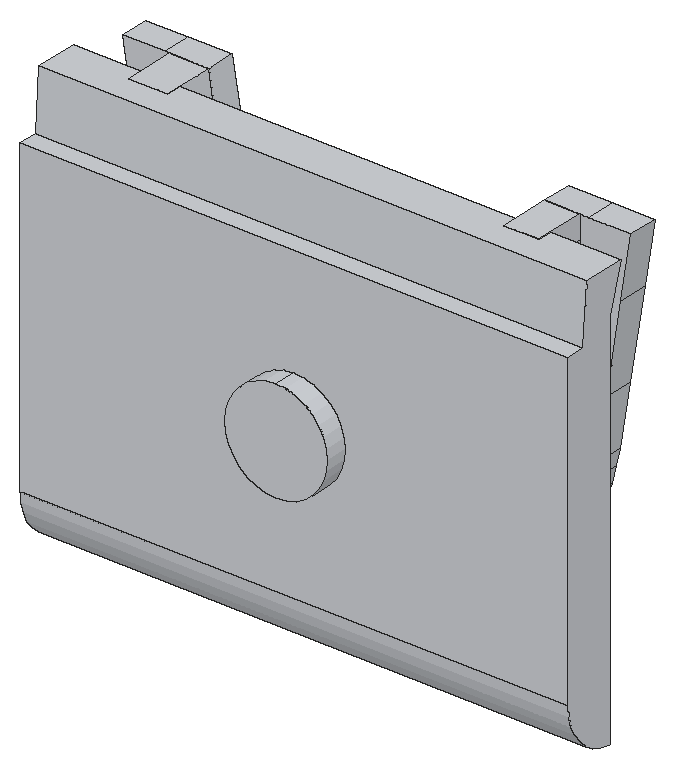
Revit family "Gira_000930", category Generic Models, Revit 2017
Family settings
  Can host rebar = No
  Round Connector Dimension = Use Diameter
  Part Type = Normal
  Work Plane-Based = No
  Always vertical = Yes
  Cut with Voids When Loaded = No
  Shared = No
  Room Calculation Point = No
Parameters (values of type "closure cab.entry 1-g closed WP SM grey")
  URL = "https://www.gira.de/"
  Type Comments = ""
  Suitable for built-up box flush-mounted switching equipment = yes
  Model = "Duct slider"
  Manufacturer = "Gira"
  Keynote = ""
  HeinzeBIM = "https://www.heinze.de/bim/closure-cab-entry-1-g-closed-wp-sm-grey/471281dc6a3d43a62ca6753009f1ffa3ca06e068"
  HAN = "000930"
  GTIN = "4010337009306"
  Description = "Closure cab.entry 1g closed WP SM GY Seal with cable entry 1-gang (closed) grey Notes : - For cables  6 to 13 mm."
  Cost = 0
  Colour = "Grey"
  BIMSITE_PRODUCT_ID = "471281dc6a3d43a62ca6753009f1ffa3ca06e068"
  BIM = "https://media.live.bim.site/t/eyJhbGciOiJIUzI1NiIsInR5cCI6IkpXVCJ9.eyJjdCI6MSwidGYiOiJwdWJsaWMvZ2lyYS8wOWY1ZGI1L0dpcmFfMDAwOTMwLnJmYSIsImNpZCI6ImZlZDk4ZTlhLTFiZDgtNGM2OC1hNzNiLTc0YTk0ZTMxNTgyMyIsInJpZCI6ImM2ODYzNmJlNDkxZWUzYWU5YWMyOTUwZTcyMjQ1NWY5IiwicGlkIjoiNDcxMjgxZGM2YTNkNDNhNjJjYTY3NTMwMDlmMWZmYTNjYTA2ZTA2OCIsInNpZCI6IjYzNDcwIiwidXQiOjUsImxjIjoiZW4iLCJpYXQiOjE2MDc1MjM5MDQsImlzcyI6Imh0dHBzOi8vYXBpLmxpdmUuYmltLnNpdGUiLCJzdWIiOiI4ZDNhYTVjYi1lMDY2LTQ1OTgtYmUxNi02ZTE2ZWU3NDk1NmEifQ.zbt7ugxKUQVV_T_vHVevvqzXRXSrRavCd_HXlWMCybM/Gira_000930.rfa"
  Assembly Code = ""
Reference planes
  plane 1 "Center (Front/Back)": y = 0
  plane 2: z = 0
  plane 3 "Center (Left/Right)": x = 0
Forms (mm)
  Extrusion 1, solid, detail levels fine
    sketch origin (0, 0, -0.36) x (0, 0, 1) y (-1, 0, 0)
      loop
        line (15, -11.5) -> (11, -10.866) -> (11, 10.866) -> (15, 11.5) -> (15, 14.501) -> (15, 17.369) -> (8.534, 16.345) -> (6.588, 16.037) -> (0.122, 15.013) -> (-1.011, 14.741) -> (-2.197, 14.456) -> (-3.324, 13.989) -> (-4.401, 13.543) -> (-5.44, 12.906) -> (-6.434, 12.297) -> (-7.362, 11.505) -> (-8.248, 10.748) -> (-9.04, 9.821) -> (-9.797, 8.934) -> (-10.434, 7.895) -> (-11.043, 6.901) -> (-11.51, 5.774) -> (-11.956, 4.697) -> (-12.241, 3.511) -> (-12.513, 2.378) -> (-12.609, 1.162) -> (-12.7, 0) -> (-12.604, -1.216) -> (-12.513, -2.378) -> (-12.228, -3.564) -> (-11.956, -4.697) -> (-11.489, -5.824) -> (-11.043, -6.901) -> (-10.406, -7.94) -> (-9.797, -8.934) -> (-9.005, -9.862) -> (-8.248, -10.748) -> (-7.321, -11.54) -> (-6.434, -12.297) -> (-5.395, -12.934) -> (-4.401, -13.543) -> (-3.274, -14.01) -> (-2.197, -14.456) -> (-1.011, -14.741) -> (0.122, -15.013) -> (4.433, -15.696) -> (10.689, -16.687) -> (15, -17.369) -> (15, -14.501) -> (15, -11.5)
      loop
        circle (0, 0) r 8.6
      loop
        line (9.5, 12.246) -> (8.121, 12.027) -> (1.133, 10.921) -> (0.015, 10.743)
        arc (0.015, 10.743) -> (-0.406, 10.213) -> (0.088, 9.75) r 0.5
        arc (0.088, 9.75) -> (5.013, 8.357) -> (8.555, 4.662) r 9.75
        arc (8.555, 4.662) -> (9.122, 4.416) -> (9.5, 4.905) r 0.503
        line (9.5, 4.905) -> (9.5, 12.246)
      loop
        line (9.5, -12.246) -> (9.5, -4.905)
        arc (9.5, -4.905) -> (9.122, -4.416) -> (8.555, -4.662) r 0.503
        arc (8.555, -4.662) -> (5.013, -8.357) -> (0.088, -9.75) r 9.75
        arc (0.088, -9.75) -> (-0.406, -10.213) -> (0.015, -10.743) r 0.5
        line (0.015, -10.743) -> (1.133, -10.921) -> (8.121, -12.027) -> (9.5, -12.246)
    from 0 to 2
  Extrusion 2, solid, detail levels fine
    sketch origin (0, 0, -0.36) x (0, 0, 1) y (-1, 0, 0)
      loop
        line (15, -13.874) -> (15, -11.5) -> (11, -10.866) -> (11, 10.866) -> (15, 11.5) -> (15, 14.126) -> (14.024, 14.126) -> (11.962, 14.126) -> (10.987, 14.126) -> (8.449, 13.724) -> (3.083, 12.874) -> (0.545, 12.472) -> (-0.75, 12.148) -> (-1.595, 11.936) -> (-2.813, 11.389) -> (-3.608, 11.032) -> (-4.71, 10.28) -> (-5.43, 9.789) -> (-6.383, 8.854) -> (-7.005, 8.244) -> (-7.779, 7.157) -> (-8.284, 6.447) -> (-8.855, 5.24) -> (-9.227, 4.453) -> (-9.577, 3.165) -> (-9.805, 2.324) -> (-9.923, 0.994) -> (-10, 0.126) -> (-9.882, -1.203) -> (-9.805, -2.071) -> (-9.456, -3.359) -> (-9.227, -4.2) -> (-8.657, -5.407) -> (-8.284, -6.195) -> (-7.51, -7.282) -> (-7.005, -7.992) -> (-6.052, -8.926) -> (-5.43, -9.536) -> (-4.328, -10.289) -> (-3.608, -10.78) -> (-2.39, -11.327) -> (-1.595, -11.684) -> (-0.301, -12.008) -> (0.545, -12.22) -> (4.669, -12.873) -> (10.987, -13.874) -> (13.415, -13.874) -> (15, -13.874)
    from 2 to 5.5
  Extrusion 3, solid, detail levels fine
    sketch origin (0, 0, -0.36) x (0, 0, 1) y (0, -1, 0)
      loop
        line (11, 9.1) -> (-10.335, 9.1)
        arc (-10.335, 9.1) -> (-13, 8.054) -> (-14.28, 5.5) r 3.963
        line (-14.28, 5.5) -> (12, 5.5) -> (15, 4.5) -> (15, 7.47) -> (11, 7.75) -> (11, 9.1)
    from 18.7 to -18.7
  Extrusion 4, solid, detail levels medium+fine
    sketch origin (0, 0, -0.36) x (0, 0, 1) y (-1, 0, 0)
      loop
        circle (0, 0) r 3.5
    from 9.1 to 10.6
  Extrusion 5, solid, detail levels medium
    sketch origin (0, 0, -0.36) x (0, 0, 1) y (-1, 0, 0)
      loop
        line (-7.321, -11.54) -> (-6.434, -12.297) -> (-5.395, -12.934) -> (-4.401, -13.543) -> (-3.274, -14.01) -> (-2.197, -14.456) -> (-1.011, -14.741) -> (0.122, -15.013) -> (4.433, -15.696) -> (10.689, -16.687) -> (15, -17.369) -> (15, -14.501) -> (15, -11.5) -> (11, -10.866) -> (11, 10.866) -> (15, 11.5) -> (15, 14.501) -> (15, 17.369) -> (8.534, 16.345) -> (6.588, 16.037) -> (0.122, 15.013) -> (-1.011, 14.741) -> (-2.197, 14.456) -> (-3.324, 13.989) -> (-4.401, 13.543) -> (-5.44, 12.906) -> (-6.434, 12.297) -> (-7.362, 11.505) -> (-8.248, 10.748) -> (-9.04, 9.821) -> (-9.797, 8.934) -> (-10.434, 7.895) -> (-11.043, 6.901) -> (-11.51, 5.774) -> (-11.956, 4.697) -> (-12.241, 3.511) -> (-12.513, 2.378) -> (-12.609, 1.162) -> (-12.7, 0) -> (-12.604, -1.216) -> (-12.513, -2.378) -> (-12.228, -3.564) -> (-11.956, -4.697) -> (-11.489, -5.824) -> (-11.043, -6.901) -> (-10.406, -7.94) -> (-9.797, -8.934) -> (-9.005, -9.862) -> (-8.248, -10.748) -> (-7.321, -11.54)
    from 0 to 5.5
  Extrusion 6, solid, detail levels medium
    sketch origin (0, 0, -0.36) x (0, 0, 1) y (0, -1, 0)
      loop
        line (-14.28, 5.5) -> (15, 5.5) -> (15, 9.1) -> (-14.28, 9.1) -> (-14.28, 5.5)
    from -18.7 to 18.7
  Extrusion 7, solid, detail levels coarse
    sketch origin (0, 0, -0.36) x (0, 0, 1) y (-1, 0, 0)
      loop
        line (15, 18.7) -> (-14.28, 18.7) -> (-14.28, -18.7) -> (15, -18.7) -> (15, 18.7)
    from 0 to 10.6
Dimensions and locks
  aligned and locked: plane 2 to level
